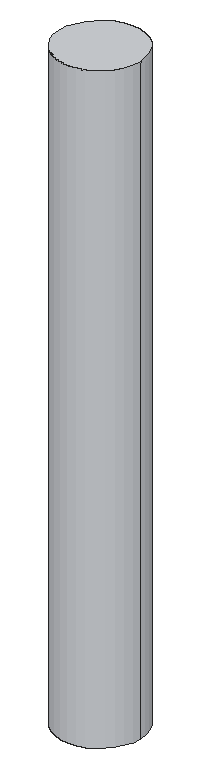
Revit family "圆-立柱", category 栏杆, Revit 2026
Family settings
  总是垂直 = 是
  载入时剪切的空心 = 否
  共享 = 否
Parameters
  built-in parameter 1008623 [instance] = (empty or 0)
  built-in parameter 1008625 [instance] = (empty or 0)
  Post = no
  built-in parameter 1008624 [instance] = (empty or 0)
  built-in parameter 1008622 [instance] = 750 mm
  r = 50 mm
Reference planes
  plane 1 "中心(前/后)": y = 0
  plane 2: z = 0
  plane 3 "中心(左/右)": x = 0
  plane 4 "顶部": z = 750
  plane 5 "支柱顶部": z = 900
Forms (mm)
  Extrusion 1, solid
    sketch origin (0, 0, 0) x (1, 0, 0) y (0, 1, 0)
      loop
        circle (0, 0) r 50
    from 0 to 750
Text (mm)
  text "栏杆支柱立面" at (0, 664.106, 1146.454), in view "左"
Dimensions and locks
  "built-in parameter 1008622": plane 2 to plane 4 "顶部"
  "r": radius of Extrusion 1 sketch curve
  aligned and locked: plane 2 to level
  aligned and locked: Extrusion 1 to plane 4 "顶部"
  aligned and locked: Extrusion 1 to level
Automatic sketch dimensions
  plane 1 "中心(前/后)" to Extrusion 1 sketch curve = 0 mm
  Extrusion 1 sketch curve to plane 3 "中心(左/右)" = 0 mm
